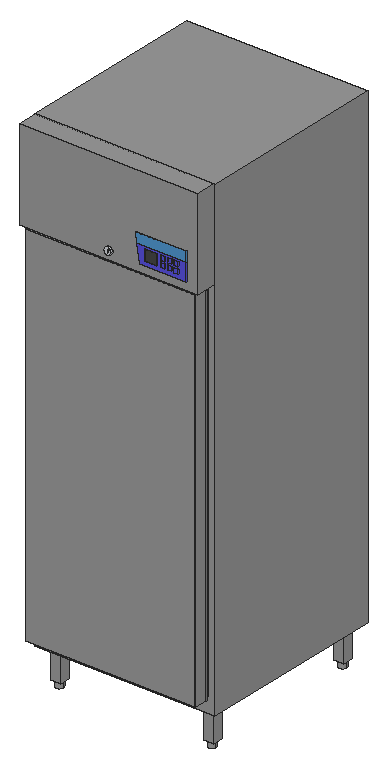
Revit family "Kühlschrank-Normalkühlung Fisch - Eigen", category Sonderausstattung, Revit 2015
Parameters (values of type "BR 570 - 720 x 840 x 2050")
  Öffnungssymbol Grundriss [instance] = yes
  Zubehör = ""
  Watt = 280 W
  Wandstärke Unten = 93 mm  # constant formula
  Wandstärke Oben = 93 mm  # constant formula
  Versatz bei Sockel oder Füße [instance] = if(Füße, Sockelhöhe, 0 mm)  # 150 mm
  Türen Stärke = 56 mm  # constant formula
  Türen Höhe = Korpus Höhe - Kopfteil Verlängerung - Türabstand Unten - Türabstand Oben  # 1474 mm
  Türen Breite = Breite - Türabstand Rechts - Türabstand Links  # 674 mm
  Türen Anzahl = 1  # constant formula
  Türabstand Rechts = 23 mm  # constant formula
  Türabstand Oben = 11 mm  # constant formula
  Türabstand Links = 23 mm  # constant formula
  Türabstand Unten = 55 mm  # constant formula
  Tür offen [instance] = no
  Tiefe [instance] = Korpus Tiefe + Kopfteil Tiefe  # 840 mm
  Temp. Bereich = "-4°C / +5°C"
  Spannung = 230 V
  Sockelhöhe = 150 mm  # constant formula
  Wandstärke Seiten = 93 mm  # constant formula
  Scheinleistung = 0 VA
  Wandstärke Hinten = 66 mm  # constant formula
  Pole = 1
  Netzkabellänge = 2500 mm
  Material = Edelstahl AISI 304
  Kältemittel = "R290"
  Kälteleistung = "340W bei -10°C VT/+32°C UT"
  Korpus Tiefe = 760 mm  # constant formula
  Korpus Höhe = 1563 mm  # constant formula
  Kopfteil Verlängerung = 23 mm  # constant formula
  Kopfteil Tiefe = 80 mm  # constant formula
  Kopfteil Höhe = 337 mm  # constant formula
  Kapazität = "23 x GN2/1"
  Höhe [instance] = Versatz bei Sockel oder Füße + Kopfteil Höhe + Korpus Höhe  # 2050 mm
  Hersteller = "CoolCompact"
  Füße Abstand Vorne = 55 mm  # constant formula
  Füße Abstand Seiten = 55 mm  # constant formula
  Füße Abstand Hinten = 55 mm  # constant formula
  Füße [instance] = yes
  Energieverbrauch = "1,25 kWh/24h"
  Energieeffizienzklasse = "B"
  Elektroanschluss Höhe = 1800 mm
  Elektroanschluss Abstand Seite = 250 mm
  Dichtung Stärke = 15 mm  # constant formula
  Breite = 720 mm  # constant formula
  Artikelnr. = "HKMN057-FI"
Reference planes
  plane 1 "Mitte (Vorne/Hinten)": y = 0
  plane 2: z = 0
  plane 3 "Mitte (Links/Rechts)": x = 0
  plane 4 "Wand Innen Links": x = -267
  plane 5: x = -360
  plane 6 "Wand Innen Hinten": y = -66
  plane 7 "Korpus Vorne": y = -760
  plane 8 "Dichtung": y = -775
  plane 9 "Korpus unten": z = 150
  plane 10 "Wand Innen Unten": z = 243
  plane 11 "Korpus oben": z = 1713
  plane 12 "Sockel oben": z = 150
  plane 13 "Tür Vorderkante": y = -831
  plane 14 "oben": z = 2050
  plane 15 "Wand Innen Rechts": x = 267
  plane 16 "Wand Innen Oben": z = 1620
  plane 17: x = 360
  plane 18 "Tür Oben OK": z = 1679
  plane 19 "Kopfteil Abdeckung unten": z = 1690
  plane 20 "Kopfteil Abdeckung links": x = -355
  plane 21 "Kopfteil Abdeckung rechts": x = 355
  plane 22 "Elektro Höhe": z = 1800
  plane 23 "Elektro Versatz": x = 110
  plane 24 "Schloss": z = 1723
  plane 25 "Display rechts Abstand": x = 309
  plane 26 "Display UK": z = 1720
  plane 27 "Tauwasserabfluss": z = 140
  plane 28 "Tür Unten Horizontal": z = 942
  plane 29 "Display 2 Rechts": x = -100
  plane 30 "Tür Unten UK": z = 205
  plane 31: x = -337
  plane 32: x = 337
  plane 33: x = -305
  plane 34: x = 305
  plane 35: y = -55
  plane 36: y = -705
  plane 37 "Kopfteil Vorne": y = -840
Forms (mm)
  Extrusion 1, solid, material "Edelstahl AISI 304" <- "Material", visible <- "Füße", detail levels medium+fine
    sketch origin (0, 0, 0) x (1, 0, 0) y (0, 1, 0)
      loop
        line (-325, -35) -> (-325, -75) -> (-285, -75) -> (-285, -35) -> (-325, -35)
      loop
        line (-325, -685) -> (-325, -725) -> (-285, -725) -> (-285, -685) -> (-325, -685)
      loop
        line (285, -685) -> (285, -725) -> (325, -725) -> (325, -685) -> (285, -685)
      loop
        line (285, -35) -> (285, -75) -> (325, -75) -> (325, -35) -> (285, -35)
    from 23 to 150
  Extrusion 2, solid, material "Edelstahl AISI 304" <- "Material", detail levels medium+fine
    sketch origin (5, 0, 150) x (-1, 0, 0) y (0, -1, 0)
      loop
        line (365, 0) -> (365, 760) -> (-355, 760) -> (-355, 0) -> (365, 0)
    from 1900 to 0
  Extrusion 3, solid, material "Edelstahl AISI 304" <- "Material", detail levels medium+fine
    sketch origin (920.024, 257.913, 150) x (-1, 0, 0) y (0, -1, 0)
      loop
        line (1275.024, 1097.913) -> (565.024, 1097.913) -> (565.024, 1017.913) -> (1275.024, 1017.913) -> (1275.024, 1097.913)
    from 1900 to 1540
  Extrusion 4, solid, material "Edelstahl AISI 304" <- "Material", visible <- "Füße", detail levels medium+fine
    sketch origin (0, 0, 0) x (1, 0, 0) y (0, 1, 0)
      loop
        circle (-305, -55) r 15
      loop
        circle (305, -55) r 15
      loop
        circle (305, -705) r 15
      loop
        circle (-305, -705) r 15
    from 0 to 23
  Extrusion 5, solid, not visible
    sketch origin (0, 0, 0) x (1, 0, 0) y (0, 0, 1)
      loop
        circle (110, 1800) r 20
    from 0 to 1
  Extrusion 6, solid, detail levels fine
    sketch origin (0, -840, 0) x (1, 0, 0) y (0, 0, 1)
      loop
        circle (0, 1723) r 14
    from 6 to 0
  Extrusion 7, void
    sketch origin (0, 0, 0) x (1, 0, 0) y (0, 0, 1)
      loop
        line (-1.586, 1729.621) -> (-1.586, 1716.179) -> (1.653, 1716.179) -> (1.653, 1729.621) -> (-1.586, 1729.621)
    from 846 to 840
  Extrusion 8, solid, material "Edelstahl AISI 304" <- "Material", detail levels coarse
    sketch origin (0, 0, 150) x (-1, 0, 0) y (0, -1, 0)
      loop
        line (360, 0) -> (360, 831) -> (-360, 831) -> (-360, 0) -> (360, 0)
    from 1900 to 0
  Extrusion 9, void
    sketch origin (0, 0, 0) x (0, 1, 0) y (0, 0, 1)
      loop
        line (-760, 1620) -> (-760, 243) -> (-66, 243) -> (-66, 1620) -> (-760, 1620)
    from 267 to -267
Cuts and joins
  Extrusion 7, Extrusion 9 cuts Extrusion 2
  Extrusion 7 cuts Extrusion 6
Dimensions and locks
  "Wandstärke Hinten": plane 6 "Wand Innen Hinten" to plane 1 "Mitte (Vorne/Hinten)"
  "Dichtung Stärke": plane 7 "Korpus Vorne" to plane 8 "Dichtung"
  "Korpus Tiefe": plane 7 "Korpus Vorne" to plane 1 "Mitte (Vorne/Hinten)"
  "Wandstärke Seiten": plane 4 "Wand Innen Links" to plane 5
  "Wandstärke Unten": plane 10 "Wand Innen Unten" to plane 9 "Korpus unten"
  "Korpus Höhe": plane 11 "Korpus oben" to plane 9 "Korpus unten"
  "Versatz bei Sockel oder Füße": plane 9 "Korpus unten" to level
  "Sockelhöhe": plane 12 "Sockel oben" to level
  "Wandstärke Oben": plane 11 "Korpus oben" to plane 16 "Wand Innen Oben"
  "Wandstärke Seiten": plane 17 to plane 15 "Wand Innen Rechts"
  equal spacing: plane 17, plane 3 "Mitte (Links/Rechts)", plane 5
  "Breite": plane 17 to plane 5
  "Kopfteil Höhe": plane 14 "oben" to plane 11 "Korpus oben"
  "Türen Stärke": plane 8 "Dichtung" to plane 13 "Tür Vorderkante"
  locked: plane 17 to plane 21 "Kopfteil Abdeckung rechts" at 5
  locked: plane 20 "Kopfteil Abdeckung links" to plane 5 at 5
  "Elektroanschluss Abstand Seite": plane 17 to plane 23 "Elektro Versatz"
  "Elektroanschluss Höhe": plane 22 "Elektro Höhe" to level
  "Kopfteil Verlängerung": plane 11 "Korpus oben" to plane 19 "Kopfteil Abdeckung unten"
  locked: plane 17 to plane 25 "Display rechts Abstand" at 51
  plane 2 to plane 27 "Tauwasserabfluss" = 140 mm
  plane 26 "Display UK" to plane 19 "Kopfteil Abdeckung unten" = 30 mm
  locked: plane 3 "Mitte (Links/Rechts)" to plane 29 "Display 2 Rechts" at 100
  "Türabstand Oben": plane 19 "Kopfteil Abdeckung unten" to plane 18 "Tür Oben OK"
  locked: plane 24 "Schloss" to plane 19 "Kopfteil Abdeckung unten" at 33
  "Türabstand Unten": plane 30 "Tür Unten UK" to plane 9 "Korpus unten"
  equal spacing: plane 18 "Tür Oben OK", plane 28 "Tür Unten Horizontal", plane 30 "Tür Unten UK"
  "Türabstand Links": plane 5 to plane 31
  "Türabstand Rechts": plane 32 to plane 17
  "Füße Abstand Seiten": plane 34 to plane 17
  "Füße Abstand Seiten": plane 5 to plane 33
  "Füße Abstand Hinten": plane 35 to plane 1 "Mitte (Vorne/Hinten)"
  "Füße Abstand Vorne": plane 7 "Korpus Vorne" to plane 36
  Extrusion 1 sketch curve to plane 33 to Extrusion 1 sketch curve = 20 mm locked, 20 mm locked  (x2)
  Extrusion 1 sketch curve to plane 34 to Extrusion 1 sketch curve = 20 mm locked, 20 mm locked  (x2)
  Extrusion 1 sketch curve to plane 35 to Extrusion 1 sketch curve = 20 mm locked, 20 mm locked  (x2)
  Extrusion 1 sketch curve to plane 36 to Extrusion 1 sketch curve = 20 mm locked, 20 mm locked  (x2)
  "Kopfteil Tiefe": plane 7 "Korpus Vorne" to plane 37 "Kopfteil Vorne"
  aligned and locked: level to plane 2
  aligned and locked: Extrusion 2 to plane 5
  aligned and locked: plane 17 to Extrusion 2
  aligned and locked: Extrusion 4 to plane 2
  aligned and locked: plane 14 "oben" to Extrusion 3
  aligned and locked: plane 14 "oben" to Extrusion 2
  aligned and locked: cut or joined group of Extrusion 2, Extrusion 7, Extrusion 9 to plane 9 "Korpus unten"
  aligned and locked: plane 21 "Kopfteil Abdeckung rechts" to Extrusion 3
  aligned and locked: Extrusion 3 to plane 20 "Kopfteil Abdeckung links"
  aligned and locked: plane 7 "Korpus Vorne" to Extrusion 3 sketch curve
  aligned and locked: Extrusion 6 to Extrusion 3
  aligned and locked: Extrusion 6 to Extrusion 7  (x2)
  aligned and locked: nested 1 to plane 25 "Display rechts Abstand"
  aligned and locked: Extrusion 3 to plane 19 "Kopfteil Abdeckung unten"
  aligned and locked: plane 14 "oben" to Extrusion 8
  aligned and locked: plane 3 "Mitte (Links/Rechts)" to nested 2
  aligned and locked: nested 2 to plane 7 "Korpus Vorne"
  aligned and locked: plane 16 "Wand Innen Oben" to Extrusion 9 sketch curve
  aligned and locked: Extrusion 9 sketch curve to plane 6 "Wand Innen Hinten"
  aligned and locked: plane 10 "Wand Innen Unten" to Extrusion 9 sketch curve
  aligned and locked: plane 7 "Korpus Vorne" to Extrusion 9 sketch curve
  aligned and locked: plane 15 "Wand Innen Rechts" to Extrusion 9
  aligned and locked: Extrusion 9 to plane 4 "Wand Innen Links"
  aligned and locked: nested 1 to plane 26 "Display UK"
  aligned and locked: nested 2 to plane 30 "Tür Unten UK"
  aligned and locked: plane 13 "Tür Vorderkante" to Extrusion 8 sketch curve
  aligned and locked: plane 37 "Kopfteil Vorne" to nested 1
Automatic sketch dimensions
  Extrusion 5 sketch curve to plane 22 "Elektro Höhe" = 0 mm
  plane 1 "Mitte (Vorne/Hinten)" to Extrusion 2 sketch curve = 0 mm
  Extrusion 2 sketch curve to plane 17 = 0 mm
  Extrusion 2 sketch curve to plane 5 = 0 mm
  Extrusion 2 sketch curve to plane 7 "Korpus Vorne" = 0 mm
  Extrusion 3 sketch curve to plane 21 "Kopfteil Abdeckung rechts" = 0 mm
  Extrusion 3 sketch curve to plane 20 "Kopfteil Abdeckung links" = 0 mm
  Extrusion 7 sketch curve to plane 3 "Mitte (Links/Rechts)" = 1.586 mm
  plane 3 "Mitte (Links/Rechts)" to Extrusion 7 sketch curve = 1.653 mm
  Extrusion 7 sketch curve to plane 24 "Schloss" = 6.821 mm
  plane 24 "Schloss" to Extrusion 7 sketch curve = 6.621 mm
  plane 1 "Mitte (Vorne/Hinten)" to Extrusion 8 sketch curve = 0 mm
  Extrusion 8 sketch curve to plane 17 = 0 mm
  Extrusion 8 sketch curve to plane 5 = 0 mm
  Extrusion 5 sketch curve to plane 23 "Elektro Versatz" = 0 mm
  Extrusion 3 sketch curve to plane 13 "Tür Vorderkante" = 9 mm
  Extrusion 6 sketch curve to plane 3 "Mitte (Links/Rechts)" = 0 mm
  Extrusion 6 sketch curve to plane 24 "Schloss" = 0 mm
  Extrusion 4 sketch curve to plane 33 = 0 mm  (x2)
  Extrusion 4 sketch curve to plane 34 = 0 mm  (x2)
  plane 36 to Extrusion 4 sketch curve = 0 mm  (x2)
  Extrusion 4 sketch curve to plane 35 = 0 mm  (x2)
  radius of Extrusion 5 sketch curve = 20 mm
  radius of Extrusion 6 sketch curve = 14 mm
  radius of Extrusion 4 sketch curve = 15 mm  (x4)
Nested families
  nested 1: "Display" at (309, -840, 1720), type "Display", detail levels fine
  nested 2: "Tür einfach" at (0, -760, 205), Tür Breite <- "Türen Breite", Tür Höhe <- "Türen Höhe", Öffnungssymbol Grundriss <- "Öffnungssymbol Grundriss", type "Tür einfach"
    with Öffnungssymbol Grundriss yes, Tür Höhe 1474 mm, Tür Breite 674 mm, Tür offen no, Tür geschlossen yes, Tür Stärke 56 mm, Dichtung Stärke 15 mm
Connectors
  electrical at (110, 0, 1800), driven by "Scheinleistung", driven by "Spannung", driven by "Pole"
    settings: on Extrusion 5, index 1, voltage 230 V, apparent load 0 VA, apparent load phase1 0 VA, apparent load phase2 0 VA, apparent load phase3 0 VA, power factor 1, load classification "Sonstige", number of poles 1, system type 31, power factor state 1, is connector primary yes, connector utility no, sub classification motor no, connector description ""
Definition of nested family "Display"
  Reference planes
    plane 1 "Mitte (Vorne/Hinten)": y = 0
    plane 2: z = 0
    plane 3 "Mitte (Links/Rechts)": x = 0
  Forms (mm)
    Extrusion 1, solid
      sketch origin (-997.074, 0, -2442.088) x (-1, 0, 0) y (0, 0, 1)
        loop
          line (-800.829, 2512.088) -> (-997.074, 2512.088) -> (-997.074, 2442.088) -> (-813.204, 2442.088)
          arc (-813.204, 2442.088) -> (-805.589, 2476.836) -> (-800.829, 2512.088) r 436.498
        loop
          line (-833.924, 2502.938) -> (-881.624, 2502.938) -> (-881.624, 2460.238) -> (-833.924, 2460.238) -> (-833.924, 2502.938)
        loop
          line (-897.474, 2503.338) -> (-913.474, 2503.338) -> (-913.474, 2486.338) -> (-897.474, 2486.338) -> (-897.474, 2503.338)
        loop
          line (-923.474, 2503.338) -> (-940.474, 2503.338) -> (-940.474, 2486.338) -> (-923.474, 2486.338) -> (-923.474, 2503.338)
        loop
          line (-949.974, 2503.338) -> (-966.974, 2503.338) -> (-966.974, 2486.338) -> (-949.974, 2486.338) -> (-949.974, 2503.338)
        loop
          line (-896.974, 2460.238) -> (-896.974, 2476.838) -> (-913.974, 2476.838) -> (-913.974, 2460.238) -> (-896.974, 2460.238)
        loop
          line (-923.474, 2460.238) -> (-923.474, 2476.838) -> (-939.974, 2476.838) -> (-939.974, 2460.238) -> (-923.474, 2460.238)
        loop
          line (-950.474, 2460.238) -> (-950.474, 2476.838) -> (-966.974, 2476.838) -> (-966.974, 2460.238) -> (-950.474, 2460.238)
      from 0 to -2
    Extrusion 2, solid
      sketch origin (-273, 0, -1596.8) x (-1, 0, 0) y (0, 0, 1)
        loop
          line (-273, 1706.8) -> (-273, 1666.8) -> (-76.636, 1666.8)
          arc (-76.636, 1666.8) -> (-75.099, 1686.775) -> (-74.479, 1706.8) r 436.9
          line (-74.479, 1706.8) -> (-273, 1706.8)
      from 0 to -2
    Extrusion 3, solid
      sketch origin (-997.074, 0, -2442.088) x (-1, 0, 0) y (0, 0, 1)
        loop
          line (-833.924, 2502.938) -> (-881.624, 2502.938) -> (-881.624, 2460.238) -> (-833.924, 2460.238) -> (-833.924, 2502.938)
      from 0 to -2
    Extrusion 4, solid
      sketch origin (-997.074, 0, -2442.088) x (-1, 0, 0) y (0, 0, 1)
        loop
          line (-897.474, 2503.338) -> (-913.474, 2503.338) -> (-913.474, 2486.338) -> (-897.474, 2486.338) -> (-897.474, 2503.338)
        loop
          line (-896.974, 2476.838) -> (-913.974, 2476.838) -> (-913.974, 2460.238) -> (-896.974, 2460.238) -> (-896.974, 2476.838)
        loop
          line (-923.474, 2460.238) -> (-923.474, 2476.838) -> (-939.974, 2476.838) -> (-939.974, 2460.238) -> (-923.474, 2460.238)
        loop
          line (-923.474, 2486.338) -> (-923.474, 2503.338) -> (-940.474, 2503.338) -> (-940.474, 2486.338) -> (-923.474, 2486.338)
        loop
          line (-949.974, 2503.338) -> (-966.974, 2503.338) -> (-966.974, 2486.338) -> (-949.974, 2486.338) -> (-949.974, 2503.338)
        loop
          line (-950.474, 2476.838) -> (-966.974, 2476.838) -> (-966.974, 2460.238) -> (-950.474, 2460.238) -> (-950.474, 2476.838)
      from 0 to -3
  Dimensions and locks
    locked: Extrusion 1 sketch curve to Extrusion 1 sketch curve at 9.15
    locked: Extrusion 1 sketch curve to Extrusion 1 sketch curve at 18.15
    locked: Extrusion 1 sketch curve to Extrusion 1 sketch curve at 16.6
    locked: Extrusion 1 sketch curve to Extrusion 1 sketch curve at 17
    Extrusion 1 sketch curve to Extrusion 1 sketch curve to Extrusion 1 sketch curve to Extrusion 1 sketch curve to Extrusion 1 sketch curve to Extrusion 1 sketch curve to Extrusion 1 sketch curve to Extrusion 1 sketch curve to Extrusion 1 sketch curve = 47.7 mm locked, 15.35 mm locked, 17 mm locked, 9.5 mm locked, 16.5 mm locked, 10.5 mm locked, 16.5 mm locked, 30.1 mm locked
    aligned and locked: level to plane 2
    aligned and locked: Extrusion 1 sketch curve to Extrusion 1 sketch curve  (x7)
    aligned and locked: Extrusion 3 sketch curve to Extrusion 1  (x4)
    aligned and locked: Extrusion 4 sketch curve to Extrusion 1  (x14)
    aligned and locked: Extrusion 1 to Extrusion 4 sketch curve
Definition of nested family "Tür einfach"
  Parameters (values of type "Tür einfach")
    Öffnungssymbol Grundriss [instance] = yes
    Tür offen = yes
    Tür geschlossen = not(Tür offen)  # no
    Tür Stärke = 56.7 mm
    Tür Höhe [instance] = 1393 mm
    Tür Breite [instance] = 635 mm
    Material = none
    Dichtung Stärke = 13.3 mm
  Reference planes
    plane 1 "Mitte (Vorne/Hinten)": y = 0
    plane 2: z = 0
    plane 3 "Mitte (Links/Rechts)": x = 0
    plane 4: y = -13.3
    plane 5: y = -70
    plane 6: x = 317.5
    plane 7: x = -317.5
    plane 8: z = 1393
    plane 9: z = 696.5
    plane 10: x = -289.5
    plane 11: x = 289.5
    plane 12: z = 1365
    plane 13: z = 28
    plane 14 "Scharnier Abstand rechts": x = 312.5
    plane 15 "Breite Scharnier": x = 237.5
  Forms (mm)
    Extrusion 1, solid, material <- "Material", visible <- "Tür geschlossen", detail levels medium+fine
      sketch origin (-3470.714, 1189.29, 150) x (-1, 0, 0) y (0, -1, 0)
        loop
          arc (-3787.314, 1259.29) -> (-3787.951, 1259.026) -> (-3788.214, 1258.39) r 0.9
          line (-3788.214, 1258.39) -> (-3788.214, 1203.49)
          arc (-3788.214, 1203.49) -> (-3787.951, 1202.854) -> (-3787.314, 1202.59) r 0.9
          line (-3787.314, 1202.59) -> (-3703.063, 1202.59) -> (-3153.214, 1202.59) -> (-3153.214, 1259.29) -> (-3787.314, 1259.29)
      from -150 to 1243
    Extrusion 2, solid, visible <- "Tür geschlossen", detail levels medium+fine
      sketch origin (0, 0, 0) x (1, 0, 0) y (0, 0, 1)
        loop
          line (283, 1358.5) -> (-283, 1358.5) -> (-283, 34.5) -> (283, 34.5) -> (283, 1358.5)
        loop
          line (-312.5, 1388) -> (-312.5, 5) -> (312.5, 5) -> (312.5, 1388) -> (-312.5, 1388)
      from 0 to 13.3
    Extrusion 3, solid, detail levels fine
      sketch origin (0, 0, 0) x (1, 0, 0) y (0, 0, 1)
        loop
          line (312.5, 1393) -> (312.5, 1397) -> (237.5, 1397) -> (237.5, 1393) -> (312.5, 1393)
      from 0 to 70
    Extrusion 4, solid, material <- "Material", visible <- "Tür offen", detail levels medium+fine
      sketch origin (1789.979, -3704.916, 150) x (0.642788, -0.766044, 0) y (0.766044, 0.642788, 0)
        loop
          arc (-3787.314, 1249.29) -> (-3787.951, 1249.026) -> (-3788.214, 1248.39) r 0.9
          line (-3788.214, 1248.39) -> (-3788.214, 1210.19)
          arc (-3788.214, 1210.19) -> (-3787.951, 1209.554) -> (-3787.314, 1209.29) r 0.9
          line (-3787.314, 1209.29) -> (-3703.063, 1209.29) -> (-3153.214, 1209.29) -> (-3153.214, 1249.29) -> (-3787.314, 1249.29)
      from -150 to 1243
    Extrusion 5, solid, visible <- "Tür offen", detail levels medium+fine
      sketch origin (773.005, -611.612, 246) x (-0.642788, 0.766044, 0) y (0, 0, -1)
        loop
          line (164.408, -1112.5) -> (730.408, -1112.5) -> (730.408, 211.5) -> (164.408, 211.5) -> (164.408, -1112.5)
        loop
          line (759.908, -1142) -> (759.908, 241) -> (134.908, 241) -> (134.908, -1142) -> (759.908, -1142)
      from 0 to 20
  Lines and regions (mm)
    symbolic lines, visible <- "Öffnungssymbol Grundriss"
      curve 1: line (317.5, -70, 0) -> (317.5, -705, 0)
    symbolic lines, visible <- "Öffnungssymbol Grundriss", detail levels medium+fine
      curve 2: arc (317.5, -705, 0) -> (-131.513, -519.013, 0) -> (-317.5, -70, 0) r 635
    symbolic lines, visible <- "Öffnungssymbol Grundriss", detail levels coarse
      curve 3: line (317.5, -705, 0) -> (-317.5, -70, 0)
  Dimensions and locks
    equal spacing: plane 7, plane 3 "Mitte (Links/Rechts)", plane 6
    "Tür Breite": plane 7 to plane 6
    "Dichtung Stärke": plane 4 to plane 1 "Mitte (Vorne/Hinten)"
    "Tür Stärke": plane 4 to plane 5
    "Tür Höhe": plane 8 to plane 2
    equal spacing: plane 8, plane 9, plane 2
    plane 8 to plane 12 = 28 mm
    plane 10 to plane 7 = 28 mm
    plane 11 to plane 6 = 28 mm
    plane 13 to plane 2 = 28 mm
    locked: plane 14 "Scharnier Abstand rechts" to plane 6 at 5
    locked: plane 15 "Breite Scharnier" to plane 14 "Scharnier Abstand rechts" at 75
    Extrusion 2 sketch curve to plane 10 to Extrusion 2 sketch curve = 6.5 mm locked, 23 mm locked
    Extrusion 2 sketch curve to plane 12 to Extrusion 2 sketch curve = 23 mm locked, 6.5 mm locked
    Extrusion 2 sketch curve to plane 11 to Extrusion 2 sketch curve = 6.5 mm locked, 23 mm locked
    Extrusion 2 sketch curve to plane 13 to Extrusion 2 sketch curve = 6.5 mm locked, 23 mm locked
    Extrusion 5 sketch curve to Extrusion 5 sketch curve = 29.5 mm  (x4)
    locked: Extrusion 5 sketch curve to Extrusion 5 sketch curve at 29.5  (x2)
    "Tür Breite": Extrusion 4 to Extrusion 4
    aligned and locked: level to plane 2
    aligned and locked: plane 5 to Extrusion 1 sketch curve
    aligned and locked: Extrusion 1 sketch curve to plane 4
    aligned and locked: Extrusion 1 sketch curve to plane 6
    aligned and locked: Extrusion 1 to level
    aligned and locked: plane 8 to Extrusion 1
    aligned and locked: Extrusion 2 to plane 4
    aligned and locked: plane 14 "Scharnier Abstand rechts" to Extrusion 3 sketch curve
    aligned and locked: plane 15 "Breite Scharnier" to Extrusion 3 sketch curve
    aligned and locked: plane 8 to Extrusion 3 sketch curve
    aligned and locked: Extrusion 3 to plane 5
    aligned and locked: Extrusion 2 to Extrusion 3
    aligned and locked: Extrusion 1 to plane 7
    aligned and locked: plane 8 to Extrusion 4
  Automatic sketch dimensions
    Extrusion 1 sketch curve to plane 7 = 0 mm
    Extrusion 1 sketch curve to Extrusion 1 sketch curve = 0.9 mm
    Extrusion 1 sketch curve to plane 6 = 0.9 mm
    Extrusion 1 sketch curve to plane 15 "Breite Scharnier" = 5.152 mm
    Extrusion 3 sketch curve to Extrusion 3 sketch curve = 4 mm
    plane 1 "Mitte (Vorne/Hinten)" to Extrusion 4 sketch curve = 0.525 mm
    plane 14 "Scharnier Abstand rechts" to Extrusion 4 sketch curve = 1.216 mm
    Extrusion 4 sketch curve to Extrusion 4 sketch curve = 0.9 mm  (x2)
    Extrusion 4 sketch curve to Extrusion 4 sketch curve = 84.252 mm
    Extrusion 4 sketch curve to Extrusion 4 sketch curve = 549.848 mm
    Extrusion 4 sketch curve to Extrusion 4 sketch curve = 38.2 mm
    Extrusion 5 sketch curve to Extrusion 4 = 5 mm
    Extrusion 5 sketch curve to Extrusion 4 = 50.652 mm
    Extrusion 4 to Extrusion 5 sketch curve = 5 mm
    Extrusion 4 to Extrusion 5 sketch curve = 34.5 mm
    curve 3 to plane 5 = 0 mm
    curve 3 to plane 7 = 0 mm
    curve 3 to plane 6 = 0 mm
    curve 1 to plane 5 = 0 mm
